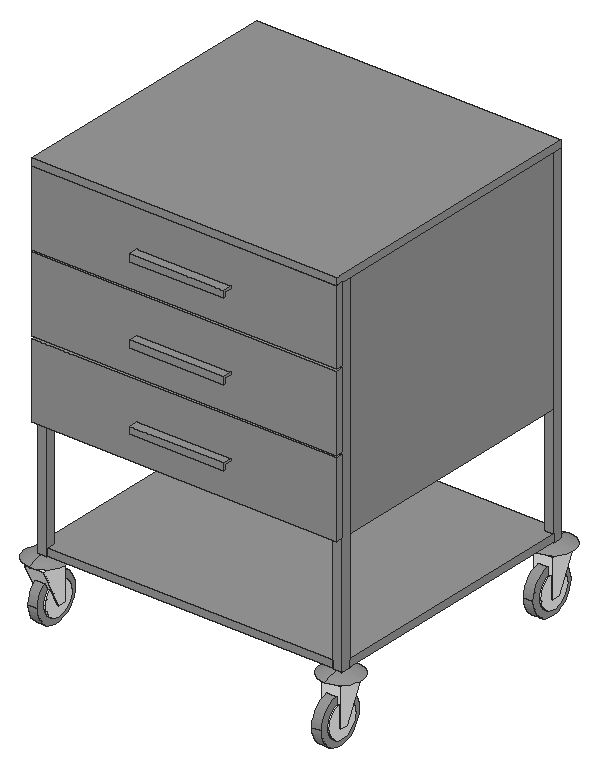
Revit family "Столик инструментальный ДМ-6-010-03", category Оборудование, Revit 2017
Family settings
  Размер круглого соединителя = Использовать диаметр
  Тип детали = Нормальный
  На основе рабочей плоскости = Нет
  Всегда вертикально = Да
  При загрузке вырезать с полостями = Нет
  Общий = Нет
  Точка расчета площади = Нет
Parameters (values of type "Тип")
  Общ_Ширина = 650.0 mm
  Общ_Тип, марка = "ДМ-6-010-03"
  Общ_Примечание КР [instance] = ""
  Общ_Примечание АР [instance] = ""
  Общ_Примечание = ""
  Общ_Поставщик = "Доктор Мебель"
  Общ_Позиция = ""
  Общ_Наименование = "Столик инструментальный"
  Общ_Масса = ""
  Общ_Код продукции = ""
  Общ_Единицы измерения = "шт."
  Общ_Глубина = 600.0 mm
  Общ_Высота = 900.0 mm
  Keynote = ""
  Model = ""
Reference planes
  plane 1 "По центру (Вперед/Назад)": y = 0
  plane 2: z = 0
  plane 3 "По центру (Влево/Вправо)": x = 0
  plane 4: y = -300
Forms (mm)
  Extrusion 1, solid, material "Сталь, нержавеющая AISI 304", detail levels fine
    sketch origin (0, 0, 0) x (1, 0, 0) y (0, 1, 0)
      loop
        line (-325, -300) -> (325, -300) -> (325, 300) -> (-325, 300) -> (-325, -300)
    from 885 to 900
  Extrusion 2, solid, material "Сталь, нержавеющая AISI 304", detail levels fine
    sketch origin (0, 0, 0) x (1, 0, 0) y (0, 1, 0)
      loop
        line (-325, 300) -> (-325, 280) -> (-305, 280) -> (-305, 300) -> (-325, 300)
      loop
        line (325, 300) -> (305, 300) -> (305, 280) -> (325, 280) -> (325, 300)
      loop
        line (-325, -285) -> (-305, -285) -> (-305, -265) -> (-325, -265) -> (-325, -285)
      loop
        line (325, -285) -> (325, -265) -> (305, -265) -> (305, -285) -> (325, -285)
    from 130 to 885
  Extrusion 3, solid, material "Сталь, нержавеющая AISI 304", detail levels fine
    sketch origin (0, 0, 0) x (1, 0, 0) y (0, 1, 0)
      loop
        line (-305, 300) -> (-305, 280) -> (-325, 280) -> (-325, -265) -> (-305, -265) -> (-305, -285) -> (305, -285) -> (305, -265) -> (325, -265) -> (325, 280) -> (305, 280) -> (305, 300) -> (-305, 300)
    from 140 to 155
  Extrusion 4, solid, material "Сталь, нержавеющая AISI 304", detail levels fine
    sketch origin (-325, -300, 1200) x (-1, 0, 0) y (0, 0, 1)
      loop
        line (0, -805) -> (0, -645) -> (-650, -645) -> (-650, -805) -> (0, -805)
      loop
        line (0, -640) -> (0, -480) -> (-650, -480) -> (-650, -640) -> (0, -640)
      loop
        line (0, -475) -> (0, -315) -> (-650, -315) -> (-650, -475) -> (0, -475)
    from 0 to 15
  Extrusion 5, solid, material "Сталь, нержавеющая AISI 304", detail levels fine
    sketch origin (0, 0, 0) x (0, 1, 0) y (0, 0, 1)
      loop
        line (-300, 805) -> (-320, 805) -> (-320, 790) -> (-315, 790) -> (-315, 800) -> (-300, 800) -> (-300, 805)
      loop
        line (-300, 640) -> (-320, 640) -> (-320, 625) -> (-315, 625) -> (-315, 635) -> (-300, 635) -> (-300, 640)
      loop
        line (-300, 475) -> (-320, 475) -> (-320, 460) -> (-315, 460) -> (-315, 470) -> (-300, 470) -> (-300, 475)
    from -100 to 100
  Extrusion 6, solid, material "Сталь, нержавеющая AISI 304", detail levels fine
    sketch origin (0, 0, 0) x (1, 0, 0) y (0, 1, 0)
      loop
        line (-305, 300) -> (-305, 280) -> (-325, 280) -> (-325, -265) -> (-305, -265) -> (-305, -285) -> (305, -285) -> (305, -265) -> (325, -265) -> (325, 280) -> (305, 280) -> (305, 300) -> (-305, 300)
    from 395 to 885
Lines and regions (mm)
  symbolic lines, detail levels coarse+medium
    curve 1: line (-325, 300, 0) -> (325, 300, 0)
    curve 2: line (-325, -300, 0) -> (-325, 300, 0)
    curve 3: line (325, -300, 0) -> (-325, -300, 0)
    curve 4: line (325, 300, 0) -> (325, -300, 0)
    curve 5: line (-325, -300, 0) -> (325, 300, 0)
Dimensions and locks
  aligned and locked: level to plane 2
Nested families
  nested 1: "Колесо для тележек Д10 с бампером h=140" at (315, 275, 0) x (0, 1, 0) z (0, 0, 1), type "Колесо Д10 с бампером h=140", detail levels fine
    with GKS_TH_Примечание ЭМ "", GKS_TH_Примечание СпецВода "", GKS_TH_Примечание СС "", GKS_TH_Примечание ОВ "", GKS_TH_Примечание МГ "", GKS_TH_Примечание КР "", GKS_TH_Примечание ВК "", GKS_TH_Примечание АР ""
  nested 2: "Колесо для тележек Д10 с бампером h=140" at (-315, 305, 0) x (0, -1, 0) z (0, 0, 1), type "Колесо Д10 с бампером h=140", detail levels fine
    with GKS_TH_Примечание ЭМ "", GKS_TH_Примечание СпецВода "", GKS_TH_Примечание СС "", GKS_TH_Примечание ОВ "", GKS_TH_Примечание МГ "", GKS_TH_Примечание КР "", GKS_TH_Примечание ВК "", GKS_TH_Примечание АР ""
  nested 3: "Колесо для тележек Д10 с бампером h=140" at (314.905, -289.905, 0) x (0, 1, 0) z (0, 0, 1), type "Колесо Д10 с бампером h=140", detail levels fine
    with GKS_TH_Примечание ЭМ "", GKS_TH_Примечание СпецВода "", GKS_TH_Примечание СС "", GKS_TH_Примечание ОВ "", GKS_TH_Примечание МГ "", GKS_TH_Примечание КР "", GKS_TH_Примечание ВК "", GKS_TH_Примечание АР ""
  nested 4: "Колесо для тележек Д10 с бампером h=140" at (-314.905, -260.095, 0) x (0, -1, 0) z (0, 0, 1), type "Колесо Д10 с бампером h=140", detail levels fine
    with GKS_TH_Примечание ЭМ "", GKS_TH_Примечание СпецВода "", GKS_TH_Примечание СС "", GKS_TH_Примечание ОВ "", GKS_TH_Примечание МГ "", GKS_TH_Примечание КР "", GKS_TH_Примечание ВК "", GKS_TH_Примечание АР ""
Definition of nested family "Колесо для тележек Д10 с бампером h=140"
  Parameters (values of type "Колесо Д10 с бампером h=140")
    Keynote = ""
    Model = "ТХ"  # constant formula
    GKS_TH_Цена_3 = 0
    GKS_TH_Цена_2 = 0
    GKS_TH_Цена_1 = 0
    GKS_TH_Примечание ЭМ [instance] = ""
    GKS_TH_Примечание СпецВода [instance] = ""
    GKS_TH_Примечание СС [instance] = ""
    GKS_TH_Примечание ОВ [instance] = ""
    GKS_TH_Примечание МГ [instance] = ""
    GKS_TH_Примечание КР [instance] = ""
    GKS_TH_Примечание ВК [instance] = ""
    GKS_TH_Примечание АР [instance] = ""
    GKS_TH_КодТСН = ""
    GKS_TH_Источник_3 = ""
    GKS_TH_Источник_2 = ""
    GKS_TH_Источник_1 = ""
    GKS_Mep_Примечание = ""
    GKS_Mep_Обозначение = ""
    GKS_Mep_Наименование = "Колесо Д10 с бампером h=140"
    GKS_Mep_Масса = ""
    GKS_Mep_Код оборудования = ""
    GKS_Mep_Завод = ""
    GKS_Mep_Единицы = "шт."
  Types (2, lengths in mm): name | GKS_Mep_Наименование
    Колесо Д10 с бампером h=140 | "Колесо Д10 с бампером h=140"
    ИЗМЕНИТЬ!!!!! | ""
  Reference planes
    plane 1 "По центру (Вперед/Назад)": y = 0
    plane 2: z = 0
    plane 3 "По центру (Влево/Вправо)": x = 0
    plane 4: z = 140
    plane 5: z = 120
    plane 6: x = 15
    plane 7: z = 130
    plane 8: z = 50
  Forms (mm)
    Extrusion 1, solid, detail levels fine
      sketch origin (0, 0, 0) x (1, 0, 0) y (0, 0, 1)
        loop
          circle (0, 50) r 50
      from -10 to 10
    Extrusion 2, solid, detail levels fine
      sketch origin (0, 0, 0) x (1, 0, 0) y (0, 0, 1)
        loop
          circle (0, 50) r 35
      from -15 to 15
    Revolve 3, solid
      sketch origin (-10, 0, 0) x (1, 0, 0) y (0, 0, 1)
        loop
          arc (25, 140) -> (2.773, 137.468) -> (-18.315, 130) r 98.808
          arc (-18.315, 130) -> (2.773, 122.532) -> (25, 120) r 98.808
          line (25, 120) -> (25, 140)
        axis (25, 140) -> (25, 120)
      angle from 0 to 360
    Extrusion 4, solid, detail levels fine
      sketch origin (0, 0, 0) x (1, 0, 0) y (0, 0, 1)
        loop
          line (-10, 120) -> (-10, 40) -> (4.905, 40) -> (45.667, 120) -> (-10, 120)
      from -20 to 20
  Lines and regions (mm)
    symbolic lines, detail levels coarse+medium
      curve 1: line (15, 10, 0) -> (15, -10, 0)
      curve 2: line (4.905, 0, 0) -> (24.905, 0, 0)
  Dimensions and locks
    aligned and locked: level to plane 2
